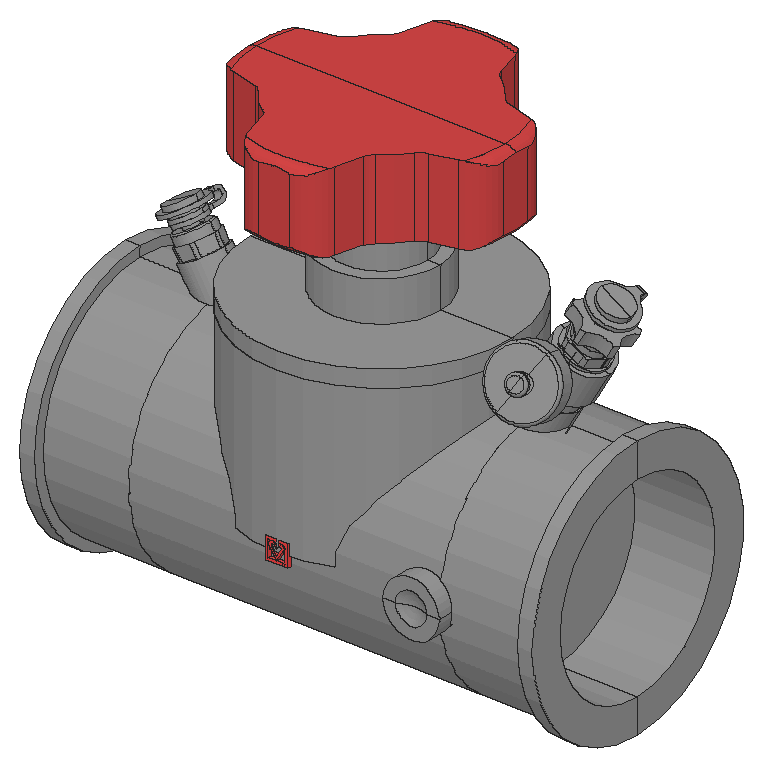
Revit family "HERZ Strömax клапан балансировочный с измерительными клапанами 4217 GML", category Rohrzubehör, Revit 2019
Family settings
  Bemaßung runder Anschluss = Durchmesser verwenden
  Teiletyp = Unterbricht
  OmniClass-Nummer = 23.65.55.14
  OmniClass-Titel = Valves for Liquid Services
  Arbeitsebenenbasiert = Nein
  Immer vertikal = Ja
  Beim Laden mit Abzugskörper schneiden = Nein
  Gemeinsam genutzt = Nein
Parameters
  Среда = "Качество теплоносителя в соответствии с ÖNORM H5195 и VDI 2035.\r\nДопускается использование этилен- и пропиленгликоля в соотношении 25-50% с водой."
  Положение клапана при монтаже = "Неподнимающийся шпиндель, расположенный перпендикулярно оси клапана, обеспечивает доступность и лёгкость в обслуживании в любом монтажном положении."
  Область применения = "Балансировочные клапаны применяются для гидравлической балансировки систем отопления и охлаждения, регулировки магистральных трубопроводов, стояков, теплообменников, регистров отопления и охлаждения."
  Номер заказа [instance] = size_lookup("4217_GML_", "Artnr", 0, Nennweite)  # 1421718
  Макс. рабочее давление = 1600000.0 Pa  # constant formula
  Макс. рабочая температура (с DN40) = 110 °C  # constant formula
  Макс. рабочая температура (до DN32) = 130 °C  # constant formula
  Корпус = "латунь, устойчивая к селективной цинковой коррозии"  # constant formula
  Исполнение = "STRÖMAX-GML Балансировочный клапан с измерительными клапанами и подключением импульсной трубки, 1/2′′ – 3′′.\r\nИсполнение с прямым невыдвижным шпинделем, муфта х муфта, латунный корпус без покрытия, уплотнение шпинделя двойным кольцевым уплотнением O-Ring, преднастройка посредством ограничения хода внутреннего шпинделя, цифровые показания степени настройки отображаются в окне маховика.\r\nОдин измерительный клапан расположен перед седлом балансировочного клапана, другой измерительный клапан с возможностью подключения импульсной трубки - после седла."
  Измерение перепада давления = "Клапаны STRÖMAX-GML оснащен двумя измерительными клапанами:\r\nс помощью измерительного прибора можно измерить перепад давления и по нему определить текущий расход в зависимости от степени преднастройки.\r\nHERZ Измерительный компьютер (1 8900 05) позволяет напрямую считывать расход (см. руководство к измерительным приборам)."
  kvs-значения [instance] = if(Nennweite = 15.00 mm, 6.05, if(Nennweite = 20.00 mm, 6.11, if(Nennweite = 25.00 mm, 9.22, if(Nennweite = 32.00 mm, 18.83, if(Nennweite = 40.00 mm, 23.29, if(Nennweite = 50.00 mm, 35.26, if(Nennweite = 65.00 mm, 52.11, if(Nennweite = 80.00 mm, 76.1, 0))))))))  # 76.1
  W02 = 60.00°  # constant formula
  W01 = 30.00°  # constant formula
  URL = "www.herz-armaturen.ru"
  SC_NennweiteBerechnet = 0
  SC_Dimension = ""
  SCRNSEQ = "ARM;ARM_TYP=\"STRV\";2"
  SCRNCODE = "05;07;02"  # constant formula
  S02 = 60.00 mm  # constant formula
  S01 [instance] = H00 + H01  # 119.31 mm
  R01 [instance] = size_lookup("4217_GML_", "R1", 1.00 mm, Nennweite)  # 53.00 mm
  Nennweite [instance] = 80.00 mm
  ML02 [instance] = size_lookup("4217_GML_", "ML2", 1.00 mm, Nennweite)  # 70.50 mm
  ML01 [instance] = size_lookup("4217_GML_", "ML1", 1.00 mm, Nennweite)  # 37.35 mm
  MD01 = 9.50 mm  # constant formula
  L02 [instance] = size_lookup("4217_GML_", "L2", 1.00 mm, Nennweite)  # 6.00 mm
  L01 [instance] = size_lookup("4217_GML_", "L1", 1.00 mm, Nennweite)  # 41.30 mm
  L00 [instance] = size_lookup("4217_GML_", "L", 1.00 mm, Nennweite)  # 210.00 mm
  IG [instance] = Nennweite / 2  # 40.00 mm
  Hersteller = "HERZ Armaturen Ges.m.b.H."  # constant formula
  H04 [instance] = size_lookup("4217_GML_", "H4", 1.00 mm, Nennweite)  # 19.00 mm
  H03 = 10.00 mm  # constant formula
  H02 [instance] = size_lookup("4217_GML_", "H2", 1.00 mm, Nennweite)  # 7.00 mm
  H01 [instance] = size_lookup("4217_GML_", "H1", 1.00 mm, Nennweite)  # 52.60 mm
  H00 [instance] = size_lookup("4217_GML_", "H", 1.00 mm, Nennweite)  # 66.71 mm
  Вес [instance] = if(Nennweite = 15.00 mm, "0.97 kg", if(Nennweite = 20.00 mm, "1.00 kg", if(Nennweite = 25.00 mm, "1.45 kg", if(Nennweite = 32.00 mm, "1.98 kg", if(Nennweite = 40.00 mm, "2.34 kg", if(Nennweite = 50.00 mm, "3.85 kg", if(Nennweite = 65.00 mm, "5.35 kg", if(Nennweite = 80.00 mm, "7.20 kg", "0 kg"))))))))  # "7.20 kg"
  GT [instance] = size_lookup("4217_GML_", "GT", 1.00 mm, Nennweite)  # 33.30 mm
  DN80 [instance] = Nennweite = 80.00 mm  # yes
  DN65 [instance] = Nennweite = 65.00 mm  # no
  DN50_DN80 [instance] = or(Nennweite = 50.00 mm, Nennweite = 65.00 mm, Nennweite = 80.00 mm)  # yes
  DN50-DN80 [instance] = H00 + H01  # 119.31 mm
  DN50 [instance] = Nennweite = 50.00 mm  # no
  DN40 [instance] = Nennweite = 40.00 mm  # no
  DN32 [instance] = Nennweite = 32.00 mm  # no
  DN25 [instance] = Nennweite = 25.00 mm  # no
  DN20 [instance] = Nennweite = 20.00 mm  # no
  DN15_DN40 [instance] = or(Nennweite = 15.00 mm, Nennweite = 20.00 mm, Nennweite = 25.00 mm, Nennweite = 32.00 mm, Nennweite = 40.00 mm)  # no
  DN15-DN40 [instance] = H00 + H01  # 119.31 mm
  DN15 [instance] = Nennweite = 15.00 mm  # no
  D06 [instance] = size_lookup("4217_GML_", "D6", 1.00 mm, Nennweite)  # 24.30 mm
  D05 [instance] = size_lookup("4217_GML_", "D5", 1.00 mm, Nennweite)  # 19.00 mm
  D04 = 9.00 mm  # constant formula
  D03 [instance] = size_lookup("4217_GML_", "D3", 1.00 mm, Nennweite)  # 53.80 mm
  D02 [instance] = size_lookup("4217_GML_", "D2", 1.00 mm, Nennweite)  # 54.00 mm
  D01 [instance] = size_lookup("4217_GML_", "D1", 1.00 mm, Nennweite)  # 50.00 mm
Reference planes
  plane 1 "Mitte (Vorne/hinten)": y = 0
  plane 2: z = 0
  plane 3 "Mitte (Links/rechts)": x = 0
Forms (mm)
  Revolve 1, solid, material "Messing, weicher Gelbton, geschweißt", detail levels fine
    sketch origin (0, 0, 0) x (1, 0, 0) y (0, 0, 1)
      loop
        line (-105, 54) -> (-105, 40) -> (-71.7, 40) -> (-71.7, 0) -> (71.7, 0) -> (71.7, 40) -> (105, 40) -> (105, 54) -> (99, 54) -> (99, 50) -> (63.7, 50)
        arc (63.7, 50) -> (0, 53) -> (-63.7, 50) r 677.782
        line (-63.7, 50) -> (-99, 50) -> (-99, 54) -> (-105, 54)
      axis (-105, 0) -> (105, 0)
    angle from 0 to 360
  Revolve 2, solid, material "Messing, weicher Gelbton, geschweißt", detail levels fine
    sketch origin (0, 0, 0) x (1, 0, 0) y (0, 0, 1)
      loop
        line (37.35, 0) -> (72.6, 61.055) -> (64.373, 65.805) -> (29.123, 4.75) -> (37.35, 0)
      axis (37.35, 0) -> (72.6, 61.055)
    angle from 0 to 360
  Revolve 3, solid, material "Messing, weicher Gelbton, geschweißt", detail levels fine
    sketch origin (0, 0, 0) x (1, 0, 0) y (0, 0, 1)
      loop
        line (0, 0) -> (0, 66.71) -> (-53.8, 66.71) -> (-53.8, 0) -> (0, 0)
      axis (0, 66.71) -> (0, 0)
    angle from 0 to 360
  Revolve 4, solid, material "Messing, weicher Gelbton, geschweißt", detail levels fine
    sketch origin (0, 0, 0) x (-1, 0, 0) y (0, 0, 1)
      loop
        line (37.35, 0) -> (72.6, 61.055) -> (64.373, 65.805) -> (29.123, 4.75) -> (37.35, 0)
      axis (37.35, 0) -> (72.6, 61.055)
    angle from 0 to 360
  Revolve 5, solid, material "Messing, weicher Gelbton, geschweißt", visible <- "DN65", detail levels fine
    sketch origin (0, 0, 0) x (1, 0, 0) y (0, 1, 0)
      loop
        line (60, 47.945) -> (60, -47.945)
        arc (60, -47.945) -> (63.368, -48.598) -> (66.5, -50) r 15
        line (66.5, -50) -> (71.5, -50) -> (71.5, 50) -> (66.5, 50)
        arc (66.5, 50) -> (63.368, 48.598) -> (60, 47.945) r 15
      axis (60, 50) -> (60, -50)
    angle from 0 to 360
  Revolve 6, solid, material "Messing, weicher Gelbton, geschweißt", detail levels fine
    sketch origin (0, 0, 0) x (1, 0, 0) y (0, 0, 1)
      loop
        line (0, 66.71) -> (0, 119.31) -> (-9, 119.31) -> (-9, 109.31) -> (-19, 109.31) -> (-19, 90.31) -> (-24.3, 90.31) -> (-24.3, 73.71) -> (-53.8, 73.71) -> (-53.8, 66.71) -> (0, 66.71)
      axis (0, 119.31) -> (0, 66.71)
    angle from 0 to 360
  Revolve 7, solid, material "Messing, weicher Gelbton, geschweißt", visible <- "DN80", detail levels fine
    sketch origin (0, 0, 0) x (1, 0, 0) y (0, 1, 0)
      loop
        line (57, 53.945) -> (57, -53.945)
        arc (57, -53.945) -> (60.368, -54.598) -> (63.5, -56) r 15
        line (63.5, -56) -> (68.5, -56) -> (68.5, 56) -> (63.5, 56)
        arc (63.5, 56) -> (60.368, 54.598) -> (57, 53.945) r 15
      axis (57, 56) -> (57, -56)
    angle from 0 to 360
Lines and regions (mm)
  model lines, detail levels coarse+medium
    curve 1: line (-105, 0, 54) -> (-105, 0, -54)
    curve 2: line (-105, 0, -54) -> (105, 0, 54)
    curve 3: line (105, 0, 54) -> (105, 0, -54)
    curve 4: line (105, 0, -54) -> (-105, 0, 54)
    curve 5: line (0, 0, 0) -> (68.884, 0, 119.31)
    curve 6: line (42.903, 0, 134.31) -> (94.864, 0, 104.31)
    curve 7: line (-105, 54, 0) -> (-105, -54, 0)
    curve 8: line (-105, -54, 0) -> (105, 54, 0)
    curve 9: line (105, 54, 0) -> (105, -54, 0)
    curve 10: line (105, -54, 0) -> (-105, 54, 0)
    curve 11: line (0, 0, 0) -> (68.884, 119.31, 0)
    curve 12: line (42.903, 134.31, 0) -> (94.864, 104.31, 0)
Dimensions and locks
  "IG": Revolve 1 sketch curve to plane 2
  "GT": Revolve 1 sketch curve to Revolve 1 sketch curve  (x2)
  "IG": Revolve 1 sketch curve to Revolve 1 sketch curve
  "D01": Revolve 1 sketch curve to Revolve 1 sketch curve  (x2)
  "R01": Revolve 1 sketch curve to Revolve 1 sketch curve
  "L02": Revolve 1 sketch curve to Revolve 1 sketch curve  (x2)
  "L01": Revolve 1 sketch curve to Revolve 1 sketch curve  (x2)
  "D02": Revolve 1 sketch curve to plane 2  (x2)
  equal spacing: Revolve 1 sketch curve, plane 3 "Mitte (Links/rechts)", Revolve 1 sketch curve
  "L00": Revolve 1 sketch curve to Revolve 1 sketch curve
  "R01": nested 1 to plane 1 "Mitte (Vorne/hinten)"
  "ML01": Revolve 2 sketch curve to plane 3 "Mitte (Links/rechts)"
  "H00": Revolve 3 sketch curve to plane 2
  "D03": Revolve 3 sketch curve to Revolve 3 sketch curve
  "ML02": Revolve 2 sketch curve to Revolve 2 sketch curve
  "MD01": Revolve 2 sketch curve to Revolve 2 sketch curve  (x2)
  "ML02": Revolve 4 sketch curve to Revolve 4 sketch curve
  "MD01": Revolve 4 sketch curve to Revolve 4 sketch curve  (x2)
  "ML01": plane 3 "Mitte (Links/rechts)" to Revolve 4 sketch curve
  Revolve 5 sketch curve to Revolve 1 = 45.00 mm
  Revolve 5 sketch curve to Revolve 5 sketch curve = 11.50 mm  (x2)
  Revolve 5 sketch curve to plane 1 "Mitte (Vorne/hinten)" to Revolve 5 sketch curve = 50.00 mm, 50.00 mm
  "H00": Revolve 6 sketch curve to plane 2
  "H01": Revolve 6 sketch curve to Revolve 6 sketch curve
  "D04": Revolve 6 sketch curve to Revolve 6 sketch curve
  "D03": Revolve 6 sketch curve to Revolve 6 sketch curve
  "D05": Revolve 6 sketch curve to Revolve 6 sketch curve
  "D06": Revolve 6 sketch curve to Revolve 6 sketch curve
  "H02": Revolve 6 sketch curve to Revolve 6 sketch curve
  "H03": Revolve 6 sketch curve to Revolve 6 sketch curve
  "H04": Revolve 6 sketch curve to Revolve 6 sketch curve
  Revolve 7 sketch curve to Revolve 1 = 48.00 mm
  Revolve 7 sketch curve to Revolve 7 sketch curve = 11.50 mm  (x2)
  Revolve 7 sketch curve to plane 1 "Mitte (Vorne/hinten)" to Revolve 7 sketch curve = 56.00 mm, 56.00 mm
  "DN15-DN40": nested 2 to plane 2
  "DN50-DN80": nested 3 to plane 2
  "D02": curve 4 to plane 2 to curve 2
  "D02": curve 3 to plane 2 to curve 4
  equal spacing: curve 1, plane 3 "Mitte (Links/rechts)", curve 3
  "L00": curve 1 to curve 3
  equal spacing: Revolve 1, curve 5, Revolve 1
  "S01": curve 5 to plane 2
  equal spacing: curve 6, curve 5, curve 6
  "S02": curve 6 to curve 6
  "D02": curve 8 to plane 1 "Mitte (Vorne/hinten)" to curve 10
  "D02": curve 10 to plane 1 "Mitte (Vorne/hinten)" to curve 9
  equal spacing: curve 7, plane 3 "Mitte (Links/rechts)", curve 9
  "L00": curve 7 to curve 9
  equal spacing: curve 7, curve 11, curve 9
  "S01": plane 1 "Mitte (Vorne/hinten)" to curve 11
  equal spacing: curve 12, curve 11, curve 12
  "S02": curve 12 to curve 12
  radius of Revolve 5 sketch curve = 15.00 mm  (x2)
  radius of Revolve 7 sketch curve = 15.00 mm  (x2)
  "W01": angle Revolve 2 sketch curve to plane 3 "Mitte (Links/rechts)"  (x2)
  "W01": angle plane 3 "Mitte (Links/rechts)" to Revolve 4 sketch curve  (x2)
  "W02": angle plane 2 to curve 5
  "W02": angle plane 1 "Mitte (Vorne/hinten)" to curve 11
  aligned and locked: level to plane 2
Automatic sketch dimensions
  Revolve 5 sketch curve to Revolve 5 sketch curve = 1.153 mm  (x2)
  Revolve 5 sketch curve to Revolve 5 sketch curve = 5.00 mm  (x2)
  Revolve 5 sketch curve to Revolve 5 sketch curve = 2.854 mm  (x2)
  Revolve 7 sketch curve to Revolve 7 sketch curve = 1.153 mm  (x2)
  Revolve 7 sketch curve to Revolve 7 sketch curve = 5.00 mm  (x2)
  Revolve 7 sketch curve to Revolve 7 sketch curve = 8.854 mm  (x2)
  Revolve 1 sketch curve to level = 0.00 mm  (x2)
  Revolve 1 sketch curve to Revolve 1 sketch curve = 1429.986 mm
  Revolve 1 sketch curve to Revolve 1 sketch curve = 1762.604 mm
  Revolve 2 sketch curve to level = 0.00 mm  (x2)
  Revolve 3 sketch curve to level = 0.00 mm
  Revolve 3 sketch curve to plane 3 "Mitte (Links/rechts)" = 0.00 mm  (x2)
  Revolve 3 sketch curve to Revolve 3 sketch curve = 366.045 mm
  Revolve 3 sketch curve to Revolve 3 sketch curve = 2179.415 mm
  Revolve 4 sketch curve to level = 0.00 mm  (x2)
  Revolve 6 sketch curve to plane 3 "Mitte (Links/rechts)" = 0.00 mm  (x2)
  Revolve 6 sketch curve to level = 366.045 mm
  Revolve 6 sketch curve to Revolve 6 sketch curve = 2146.115 mm
Nested families
  nested 1: "Herz-Logo-vorne" at (0, -53, 0) x (0, 1, 0) z (0, 0, 1), type "Herz-Logo-vorne", detail levels fine
  nested 2: "Strangregulierventil-Handrad-Gerade (Rot) DN15-DN40" at (0, 0, 119.31), visible <- "DN15_DN40", type "Strangregulierventil-Handrad-Gerade (Rot) DN15-DN40", detail levels fine
    with Nennweite 0.00 mm, Gewicht 0.00 kg, Bestellnummer 0
  nested 3: "Strangregulierventil-Handrad-Gerade (Rot) DN50-DN80" at (0, 0, 119.31), visible <- "DN50_DN80", type "Strangregulierventil-Handrad-Gerade (Rot) DN50-DN80", detail levels fine
    with Nennweite 0.00 mm, Gewicht 0.00 kg, Bestellnummer 0
  nested 4: "Messstutzen_Band-KFE_Austritt_30Grad_(oben)" at (61.39, 0, 59.409), visible <- "DN50", type "Messstutzen_Band-KFE_Austritt_30Grad_(oben)", detail levels fine
    with Schutzkappe yes, Nennweite 0.00 mm, Gewicht 0.00 kg, Bestellnummer 0
  nested 5: "Messstutzen_Band_Eintritt_30Grad_(oben)" at (-47.24, 0, 34.901) x (-1, 0, 0) z (0, 0, 1), visible <- "DN50", type "Messstutzen_Band_Eintritt_30Grad_(oben)", detail levels fine
    with Schutzkappe yes, Nennweite 0.00 mm, Gewicht 0.00 kg, Bestellnummer 0
  nested 6: "Messstutzen_Band-KFE_Austritt_30Grad_(oben)" at (41.17, 0, 35.507), visible <- "DN15", type "Messstutzen_Band-KFE_Austritt_30Grad_(oben)", detail levels fine
    with Schutzkappe yes, Nennweite 0.00 mm, Gewicht 0.00 kg, Bestellnummer 0
  nested 7: "Messstutzen_Band_Eintritt_30Grad_(oben)" at (-27.02, 0, 10.999) x (-1, 0, 0) z (0, 0, 1), visible <- "DN15", type "Messstutzen_Band_Eintritt_30Grad_(oben)", detail levels fine
    with Schutzkappe yes, Nennweite 0.00 mm, Gewicht 0.00 kg, Bestellnummer 0
  nested 8: "Messstutzen_Band_Eintritt_30Grad_(oben)" at (-24.855, 0, 13.553) x (-1, 0, 0) z (0, 0, 1), visible <- "DN20", type "Messstutzen_Band_Eintritt_30Grad_(oben)", detail levels fine
    with Schutzkappe yes, Nennweite 0.00 mm, Gewicht 0.00 kg, Bestellnummer 0
  nested 9: "Messstutzen_Band-KFE_Austritt_30Grad_(oben)" at (39.005, 0, 38.062), visible <- "DN20", type "Messstutzen_Band-KFE_Austritt_30Grad_(oben)", detail levels fine
    with Schutzkappe yes, Nennweite 0.00 mm, Gewicht 0.00 kg, Bestellnummer 0
  nested 10: "Messstutzen_Band_Eintritt_30Grad_(oben)" at (-29.265, 0, 17.883) x (-1, 0, 0) z (0, 0, 1), visible <- "DN25", type "Messstutzen_Band_Eintritt_30Grad_(oben)", detail levels fine
    with Schutzkappe yes, Nennweite 0.00 mm, Gewicht 0.00 kg, Bestellnummer 0
  nested 11: "Messstutzen_Band-KFE_Austritt_30Grad_(oben)" at (43.415, 0, 42.392), visible <- "DN25", type "Messstutzen_Band-KFE_Austritt_30Grad_(oben)", detail levels fine
    with Schutzkappe yes, Nennweite 0.00 mm, Gewicht 0.00 kg, Bestellnummer 0
  nested 12: "Messstutzen_Band_Eintritt_30Grad_(oben)" at (-37.74, 0, 24.595) x (-1, 0, 0) z (0, 0, 1), visible <- "DN32", type "Messstutzen_Band_Eintritt_30Grad_(oben)", detail levels fine
    with Schutzkappe yes, Nennweite 0.00 mm, Gewicht 0.00 kg, Bestellnummer 0
  nested 13: "Messstutzen_Band-KFE_Austritt_30Grad_(oben)" at (51.89, 0, 49.104), visible <- "DN32", type "Messstutzen_Band-KFE_Austritt_30Grad_(oben)", detail levels fine
    with Schutzkappe yes, Nennweite 0.00 mm, Gewicht 0.00 kg, Bestellnummer 0
  nested 14: "Messstutzen_Band_Eintritt_30Grad_(oben)" at (-42.8, 0, 28.665) x (-1, 0, 0) z (0, 0, 1), visible <- "DN40", type "Messstutzen_Band_Eintritt_30Grad_(oben)", detail levels fine
    with Schutzkappe yes, Nennweite 0.00 mm, Gewicht 0.00 kg, Bestellnummer 0
  nested 15: "Messstutzen_Band-KFE_Austritt_30Grad_(oben)" at (56.95, 0, 53.174), visible <- "DN40", type "Messstutzen_Band-KFE_Austritt_30Grad_(oben)", detail levels fine
    with Schutzkappe yes, Nennweite 0.00 mm, Gewicht 0.00 kg, Bestellnummer 0
  nested 16: "Messstutzen_Band_Eintritt_30Grad_(oben)" at (-54.5, 0, 38.105) x (-1, 0, 0) z (0, 0, 1), visible <- "DN65", type "Messstutzen_Band_Eintritt_30Grad_(oben)", detail levels fine
    with Schutzkappe yes, Nennweite 0.00 mm, Gewicht 0.00 kg, Bestellnummer 0
  nested 17: "Messstutzen_Band-KFE_Austritt_30Grad_(oben)" at (68.65, 0, 62.614), visible <- "DN65", type "Messstutzen_Band-KFE_Austritt_30Grad_(oben)", detail levels fine
    with Schutzkappe yes, Nennweite 0.00 mm, Gewicht 0.00 kg, Bestellnummer 0
  nested 18: "Messstutzen_Band_Eintritt_30Grad_(oben)" at (-63.85, 0, 45.899) x (-1, 0, 0) z (0, 0, 1), visible <- "DN80", type "Messstutzen_Band_Eintritt_30Grad_(oben)", detail levels fine
    with Schutzkappe yes, Nennweite 0.00 mm, Gewicht 0.00 kg, Bestellnummer 0
  nested 19: "Messstutzen_Band-KFE_Austritt_30Grad_(oben)" at (78, 0, 70.408), visible <- "DN80", type "Messstutzen_Band-KFE_Austritt_30Grad_(oben)", detail levels fine
    with Schutzkappe yes, Nennweite 0.00 mm, Gewicht 0.00 kg, Bestellnummer 0
Connectors
  piping at (-71.7, 0, 0), diameter 80, driven by "Nennweite"
    settings: on Revolve 1, index 1, connector inside diameter 609.6 mm, connector length 0.00 mm, flow factor 0, pipe flow 0.0 L/s, pressure drop 0.0 Pa, fitting loss kfactor 0, connector angle 0.00°, fixture units 0, engagement length 0.00 mm, angle of deflection 0.00°, flow configuration 0, flow direction 1, fitting loss method 0, system type 29, joint type 0, gender type 0, connector reference index -1, connector utility 0, adjustable connector no, is connector primary yes, connector description ""
  piping at (71.7, 0, 0), diameter 80, driven by "Nennweite"
    settings: on Revolve 1, index 2, connector inside diameter 609.6 mm, connector length 0.00 mm, flow factor 0, pipe flow 0.0 L/s, pressure drop 0.0 Pa, fitting loss kfactor 0, connector angle 0.00°, fixture units 0, engagement length 0.00 mm, angle of deflection 0.00°, flow configuration 0, flow direction 2, fitting loss method 0, system type 29, joint type 0, gender type 0, connector reference index -1, connector utility 0, adjustable connector no, is connector primary no, connector description ""
Definition of nested family "Herz-Logo-vorne"
  Reference planes
    plane 1 "Mitte (Vorne/hinten)": y = 0
    plane 2: z = 0
    plane 3 "Mitte (Links/rechts)": x = 0
  Forms (mm)
    Extrusion 1, solid
      sketch origin (0.732, -0.018, 0.017) x (0, -1, 0) y (0, 0, 1)
        loop
          line (-0.018, -4.517) -> (4.482, -4.517) -> (4.482, 4.483) -> (-4.518, 4.483) -> (-4.518, -4.517) -> (-0.018, -4.517)
        loop
          line (-0.05, -3.48) -> (3.482, -3.48) -> (3.482, 3.483) -> (-3.518, 3.483) -> (-3.518, -3.48) -> (-0.05, -3.48)
        loop
          arc (-0.018, 2.383) -> (-1.543, 3.287) -> (-3.067, 2.383) r 1.738
          arc (-3.067, 2.383) -> (-3.191, 1.899) -> (-3.067, 1.415) r 1.009
          line (-3.067, 1.415) -> (-0.018, -3.281) -> (3.032, 1.415)
          arc (3.032, 1.415) -> (3.156, 1.899) -> (3.032, 2.383) r 1.009
          arc (3.032, 2.383) -> (1.507, 3.287) -> (-0.018, 2.383) r 1.738
        loop
          arc (1.885, 1.272) -> (2.005, 1.675) -> (1.885, 2.079) r 0.74
          arc (1.885, 2.079) -> (1.265, 2.416) -> (0.644, 2.079) r 0.74
          line (0.644, 2.079) -> (-0.018, 0.97) -> (-0.679, 2.079)
          arc (-0.679, 2.079) -> (-1.3, 2.416) -> (-1.921, 2.079) r 0.74
          arc (-1.921, 2.079) -> (-2.04, 1.675) -> (-1.921, 1.272) r 0.74
          line (-1.921, 1.272) -> (-0.018, -1.658) -> (1.885, 1.272)
      from 0 to 1.5
  Dimensions and locks
    aligned and locked: level to plane 2
Definition of nested family "Strangregulierventil-Handrad-Gerade (Rot) DN15-DN40"
  Parameters (values of type "Strangregulierventil-Handrad-Gerade (Rot) DN15-DN40")
    URL = "www.herz-armaturen.at"
    Nennweite [instance] = 0.00 mm
    Manufacturer = "Herz Armaturen GmbH"  # constant formula
    Gewicht [instance] = 0.00 kg
    Bestellnummer [instance] = 0
  Reference planes
    plane 1 "Mitte (Vorne/hinten)": y = 0
    plane 2: z = 0
    plane 3 "Mitte (Links/rechts)": x = 0
  Forms (mm)
    Revolve 1, solid, detail levels fine
      sketch origin (0, 0, 0) x (1, 0, 0) y (0, 0, 1)
        loop
          line (0, 0) -> (0, 24.95) -> (-30.992, 24.95)
          arc (-30.992, 24.95) -> (-34.37, 23.636) -> (-35.973, 20.386) r 5
          line (-35.973, 20.386) -> (-37, 8.65) -> (-35.986, -2.936)
          arc (-35.986, -2.936) -> (-34.383, -6.186) -> (-31.005, -7.5) r 5
          line (-31.005, -7.5) -> (-15, -7.5) -> (-15, 0) -> (0, 0)
        axis (0, 24.95) -> (0, -7.5)
      angle from 0 to 360
    Extrusion 2, void
      sketch origin (0, 0, 20.3) x (1, 0, 0) y (0, 1, 0)
        loop
          line (3.861, 35.5) -> (-3.861, 35.5)
          arc (-3.861, 35.5) -> (-8.731, 33.847) -> (-11.589, 29.571) r 8
          line (-11.589, 29.571) -> (-13.284, 23.245)
          arc (-13.284, 23.245) -> (-13.982, 21.722) -> (-15.144, 20.516) r 5
          arc (-15.144, 20.516) -> (-18.031, 18.031) -> (-20.516, 15.144) r 25.5
          arc (-20.516, 15.144) -> (-21.722, 13.982) -> (-23.245, 13.284) r 5
          line (-23.245, 13.284) -> (-29.571, 11.589)
          arc (-29.571, 11.589) -> (-33.847, 8.731) -> (-35.5, 3.861) r 8
          line (-35.5, 3.861) -> (-35.5, -3.861)
          arc (-35.5, -3.861) -> (-33.847, -8.731) -> (-29.571, -11.589) r 8
          line (-29.571, -11.589) -> (-23.245, -13.284)
          arc (-23.245, -13.284) -> (-21.722, -13.982) -> (-20.516, -15.144) r 5
          arc (-20.516, -15.144) -> (-18.031, -18.031) -> (-15.144, -20.516) r 25.5
          arc (-15.144, -20.516) -> (-13.982, -21.722) -> (-13.284, -23.245) r 5
          line (-13.284, -23.245) -> (-11.589, -29.571)
          arc (-11.589, -29.571) -> (-8.731, -33.847) -> (-3.861, -35.5) r 8
          line (-3.861, -35.5) -> (3.861, -35.5)
          arc (3.861, -35.5) -> (8.731, -33.847) -> (11.589, -29.571) r 8
          line (11.589, -29.571) -> (13.284, -23.245)
          arc (13.284, -23.245) -> (13.982, -21.722) -> (15.144, -20.516) r 5
          arc (15.144, -20.516) -> (18.031, -18.031) -> (20.516, -15.144) r 25.5
          arc (20.516, -15.144) -> (21.722, -13.982) -> (23.245, -13.284) r 5
          line (23.245, -13.284) -> (29.571, -11.589)
          arc (29.571, -11.589) -> (33.847, -8.731) -> (35.5, -3.861) r 8
          line (35.5, -3.861) -> (35.5, 3.861)
          arc (35.5, 3.861) -> (33.847, 8.731) -> (29.571, 11.589) r 8
          line (29.571, 11.589) -> (23.245, 13.284)
          arc (23.245, 13.284) -> (21.722, 13.982) -> (20.516, 15.144) r 5
          arc (20.516, 15.144) -> (18.031, 18.031) -> (15.144, 20.516) r 25.5
          arc (15.144, 20.516) -> (13.982, 21.722) -> (13.284, 23.245) r 5
          line (13.284, 23.245) -> (11.589, 29.571)
          arc (11.589, 29.571) -> (8.731, 33.847) -> (3.861, 35.5) r 8
        loop
          circle (0, 0) r 38
      from -31.266 to 7.923
  Cuts and joins
    Extrusion 2 cuts Revolve 1
  Dimensions and locks
    Revolve 1 sketch curve to Revolve 1 sketch curve = 15.00 mm
    Revolve 1 sketch curve to Revolve 1 sketch curve = 16.15 mm
    Revolve 1 sketch curve to Revolve 1 sketch curve = 16.30 mm
    angle Revolve 1 sketch curve to Revolve 1 sketch curve = 95.00°
    aligned and locked: level to plane 2
Definition of nested family "Strangregulierventil-Handrad-Gerade (Rot) DN50-DN80"
  Parameters (values of type "Strangregulierventil-Handrad-Gerade (Rot) DN50-DN80")
    URL = "www.herz-armaturen.at"
    Nennweite [instance] = 0.00 mm
    Manufacturer = "Herz Armaturen GmbH"  # constant formula
    Gewicht [instance] = 0.00 kg
    Bestellnummer [instance] = 0
  Reference planes
    plane 1 "Mitte (Vorne/hinten)": y = 0
    plane 2: z = 0
    plane 3 "Mitte (Links/rechts)": x = 0
  Forms (mm)
    Revolve 1, solid, detail levels fine
      sketch origin (0, 0, 0) x (1, 0, 0) y (0, 0, 1)
        loop
          line (0, 0) -> (0, 24.95) -> (-50.992, 24.95)
          arc (-50.992, 24.95) -> (-54.37, 23.636) -> (-55.973, 20.386) r 5
          line (-55.973, 20.386) -> (-57, 8.65) -> (-55.986, -2.936)
          arc (-55.986, -2.936) -> (-54.383, -6.186) -> (-51.005, -7.5) r 5
          line (-51.005, -7.5) -> (-15, -7.5) -> (-15, 0) -> (0, 0)
        axis (0, 24.95) -> (0, -7.5)
      angle from 0 to 360
    Extrusion 2, void
      sketch origin (0, 0, 20.3) x (1, 0, 0) y (0, 1, 0)
        loop
          line (-55, 6.292) -> (-55, -6.292)
          arc (-55, -6.292) -> (-52.52, -13.597) -> (-46.106, -17.883) r 12
          line (-46.106, -17.883) -> (-35.399, -20.752)
          arc (-35.399, -20.752) -> (-33.541, -21.612) -> (-32.08, -23.047) r 6
          arc (-32.08, -23.047) -> (-27.931, -27.931) -> (-23.047, -32.08) r 39.5
          arc (-23.047, -32.08) -> (-21.612, -33.541) -> (-20.752, -35.399) r 6
          line (-20.752, -35.399) -> (-17.883, -46.106)
          arc (-17.883, -46.106) -> (-13.597, -52.52) -> (-6.292, -55) r 12
          line (-6.292, -55) -> (6.292, -55)
          arc (6.292, -55) -> (13.597, -52.52) -> (17.883, -46.106) r 12
          line (17.883, -46.106) -> (20.752, -35.399)
          arc (20.752, -35.399) -> (21.612, -33.541) -> (23.047, -32.08) r 6
          arc (23.047, -32.08) -> (27.931, -27.931) -> (32.08, -23.047) r 39.5
          arc (32.08, -23.047) -> (33.541, -21.612) -> (35.399, -20.752) r 6
          line (35.399, -20.752) -> (46.106, -17.883)
          arc (46.106, -17.883) -> (52.52, -13.597) -> (55, -6.292) r 12
          line (55, -6.292) -> (55, 6.292)
          arc (55, 6.292) -> (52.52, 13.597) -> (46.106, 17.883) r 12
          line (46.106, 17.883) -> (35.399, 20.752)
          arc (35.399, 20.752) -> (33.541, 21.612) -> (32.08, 23.047) r 6
          arc (32.08, 23.047) -> (27.931, 27.931) -> (23.047, 32.08) r 39.5
          arc (23.047, 32.08) -> (21.612, 33.541) -> (20.752, 35.399) r 6
          line (20.752, 35.399) -> (17.883, 46.106)
          arc (17.883, 46.106) -> (13.597, 52.52) -> (6.292, 55) r 12
          line (6.292, 55) -> (-6.292, 55)
          arc (-6.292, 55) -> (-13.597, 52.52) -> (-17.883, 46.106) r 12
          line (-17.883, 46.106) -> (-20.752, 35.399)
          arc (-20.752, 35.399) -> (-21.612, 33.541) -> (-23.047, 32.08) r 6
          arc (-23.047, 32.08) -> (-27.931, 27.931) -> (-32.08, 23.047) r 39.5
          arc (-32.08, 23.047) -> (-33.541, 21.612) -> (-35.399, 20.752) r 6
          line (-35.399, 20.752) -> (-46.106, 17.883)
          arc (-46.106, 17.883) -> (-52.52, 13.597) -> (-55, 6.292) r 12
        loop
          circle (0, 0) r 60
      from -31.161 to 7.489
  Cuts and joins
    Extrusion 2 cuts Revolve 1
  Dimensions and locks
    Revolve 1 sketch curve to Revolve 1 sketch curve = 15.00 mm
    Revolve 1 sketch curve to Revolve 1 sketch curve = 16.15 mm
    Revolve 1 sketch curve to Revolve 1 sketch curve = 16.30 mm
    Revolve 1 sketch curve to Revolve 1 sketch curve = 57.00 mm
    angle Revolve 1 sketch curve to Revolve 1 sketch curve = 95.00°
    aligned and locked: level to plane 2
Definition of nested family "Messstutzen_Band-KFE_Austritt_30Grad_(oben)"
  Parameters (values of type "Messstutzen_Band-KFE_Austritt_30Grad_(oben)")
    URL = "www.herz-armaturen.at"
    Schutzkappe [instance] = yes
    Nennweite [instance] = 0.00 mm
    Manufacturer = "Herz Armaturen GmbH"  # constant formula
    Gewicht [instance] = 0.00 kg
    Bestellnummer [instance] = 0
  Reference planes
    plane 1 "Mitte (Vorne/hinten)": y = 0
    plane 2: z = 0
    plane 3 "Mitte (Links/rechts)": x = 0
  Forms (mm)
    Revolve 1, solid, detail levels fine
      sketch origin (0, 0, 0) x (0.866025, 0, -0.5) y (0.5, 0, 0.866025)
        loop
          line (-7.4, 9) -> (-5.55, 9) -> (-5.55, 6)
          arc (-5.55, 6) -> (-5.626, 5.617) -> (-5.843, 5.293) r 1
          line (-5.843, 5.293) -> (-6.455, 4.681) -> (-6.455, 0.9) -> (-5.555, 0) -> (-2, 0) -> (-2, 23) -> (-2, 35.8) -> (-3.805, 35.8) -> (-4.415, 35.19) -> (-4.415, 30.863) -> (-3.7, 30.45) -> (-3.7, 27) -> (-7.4, 27) -> (-7.4, 9)
        axis (0, 0) -> (0, 35.8)
      angle from 0 to 360
    Extrusion 2, solid, detail levels fine
      sketch origin (8.75, 0, 15.155) x (0, 1, 0) y (-0.866025, 0, 0.5)
        loop
          arc (-7.07, 5.156) -> (-7.578, 4.375) -> (-8, 3.544) r 8.75
          line (-8, 3.544) -> (-8, -3.544)
          arc (-8, -3.544) -> (-7.578, -4.375) -> (-7.07, -5.156) r 8.75
          line (-7.07, -5.156) -> (-0.93, -8.7)
          arc (-0.93, -8.7) -> (0, -8.75) -> (0.93, -8.7) r 8.75
          line (0.93, -8.7) -> (7.07, -5.156)
          arc (7.07, -5.156) -> (7.578, -4.375) -> (8, -3.544) r 8.75
          line (8, -3.544) -> (8, 3.544)
          arc (8, 3.544) -> (7.578, 4.375) -> (7.07, 5.156) r 8.75
          line (7.07, 5.156) -> (0.93, 8.7)
          arc (0.93, 8.7) -> (0, 8.75) -> (-0.93, 8.7) r 8.75
          line (-0.93, 8.7) -> (-7.07, 5.156)
      from -5.51 to -1.21
    Revolve 3, solid, visible <- "Schutzkappe", detail levels fine
      sketch origin (0, 0, 0) x (0.866025, 0, -0.5) y (0.5, 0, 0.866025)
        loop
          line (0, 35.878) -> (0, 36.678) -> (-7, 36.678) -> (-7, 33.378) -> (-6.1, 33.378) -> (-6.1, 31.678) -> (-6.9, 31.678) -> (-6.9, 30.178) -> (-4.415, 30.178) -> (-4.415, 35.268) -> (-3.805, 35.878) -> (0, 35.878)
        axis (0, 30.178) -> (0, 36.678)
      angle from 0 to 360
    Extrusion 4, solid, detail levels fine
      sketch origin (15, 0, 25.981) x (0, 1, 0) y (0.866025, 0, -0.5)
        loop
          circle (0, 0) r 3.7
        loop
          arc (5.505, -3.906) -> (7.288, -2.358) -> (9.582, -1.8) r 5
          line (9.582, -1.8) -> (9.582, 1.8)
          arc (9.582, 1.8) -> (7.288, 2.358) -> (5.505, 3.906) r 5
          arc (5.505, 3.906) -> (-6.75, 0) -> (5.505, -3.906) r 6.75
      from 0 to -1.5
    Extrusion 5, solid, detail levels fine
      sketch origin (16.589, 0, 28.733) x (0, 1, 0) y (0.866025, 0, -0.5)
        loop
          circle (0, 0) r 6.1
        loop
          arc (8.652, -4.495) -> (10.493, -2.527) -> (13.089, -1.8) r 5
          line (13.089, -1.8) -> (13.089, 1.8)
          arc (13.089, 1.8) -> (10.493, 2.527) -> (8.652, 4.495) r 5
          arc (8.652, 4.495) -> (-9.75, 0) -> (8.652, -4.495) r 9.75
      from 0 to -1.5
    Sweep 6, solid, detail levels fine
      path origin (0, 0, 0) x (-0.5, 0, -0.866025) y (0, 1, 0)
        loop
          line (-29.25, 9.582) -> (-29.25, 14.522)
          arc (-29.25, 14.522) -> (-30.839, 16.112) -> (-32.428, 14.522) r 1.589
          line (-32.428, 14.522) -> (-32.428, 13.089)
      profile origin (14.625, 12.052, 25.331) x (0.5, 0, 0.866025) y (0.866025, 0, -0.5)
        loop
          line (-0.75, -1.8) -> (0.75, -1.8) -> (0.75, 1.8) -> (-0.75, 1.8) -> (-0.75, -1.8)
    Extrusion 7, solid, detail levels fine
      sketch origin (-87.639, 0, 50.598) x (0.866025, 0, -0.5) y (0, 1, 0)
        loop
          arc (112.053, 5.113) -> (111.589, 6) -> (111.053, 6.845) r 12
          arc (111.053, 6.845) -> (105.696, 7.794) -> (102.196, 11.958) r 7.971
          arc (102.196, 11.958) -> (101.196, 12) -> (100.196, 11.958) r 12
          arc (100.196, 11.958) -> (96.696, 7.794) -> (91.34, 6.845) r 7.971
          arc (91.34, 6.845) -> (90.804, 6) -> (90.34, 5.113) r 12
          arc (90.34, 5.113) -> (92.196, 0) -> (90.34, -5.113) r 7.971
          arc (90.34, -5.113) -> (90.804, -6) -> (91.34, -6.845) r 12
          arc (91.34, -6.845) -> (96.696, -7.794) -> (100.196, -11.958) r 7.971
          arc (100.196, -11.958) -> (101.196, -12) -> (102.196, -11.958) r 12
          arc (102.196, -11.958) -> (105.696, -7.794) -> (111.053, -6.845) r 7.971
          arc (111.053, -6.845) -> (111.589, -6) -> (112.053, -5.113) r 12
          arc (112.053, -5.113) -> (110.196, 0) -> (112.053, 5.113) r 7.971
      from 22.3 to 28.5
    Revolve 8, solid, detail levels fine
      sketch origin (-47.563, 0, 4.367) x (-0.866025, 0, 0.5) y (0.5, 0, 0.866025)
        loop
          line (-43.374, 0) -> (-37.874, 0) -> (-36.774, 1.1) -> (-36.774, 4.9) -> (-37.874, 6) -> (-37.874, 8.4) -> (-36.424, 8.4) -> (-36.424, 9.2) -> (-34.424, 9.2) -> (-34.424, 15.59) -> (-31.874, 15.59) -> (-31.874, 30.99) -> (-33.874, 30.99) -> (-33.874, 31.99) -> (-43.374, 31.99) -> (-43.374, 0)
        loop
          line (-43.374, 39) -> (-43.374, 36.29) -> (-35.874, 36.29) -> (-35.874, 39) -> (-43.374, 39)
        axis (-43.374, 39) -> (-43.374, 0)
      angle from 0 to 360
    Revolve 9, solid, detail levels fine
      sketch origin (0, 0, 0) x (0, -1, 0) y (0.5, 0, 0.866025)
        loop
          line (0, -1.01) -> (32.627, 14.204) -> (27.556, 25.08) -> (25.934, 25.67) -> (21.602, 23.65) -> (14.873, 11.994) -> (-2.324, 3.975) -> (0, -1.01)
        axis (32.627, 14.204) -> (0, -1.01)
      angle from 0 to 360
    Revolve 10, solid, detail levels fine
      sketch origin (-19.899, -51.188, -34.465) x (-0.453154, -0.422618, -0.784886) y (0.211309, -0.906308, 0.365998)
        loop
          line (-56.786, 8) -> (-45.747, 8) -> (-45.747, 0) -> (-43.834, 0) -> (-42.786, 1.048) -> (-42.786, 8.048)
          arc (-42.786, 8.048) -> (-43.065, 8.721) -> (-43.738, 9) r 0.952
          line (-43.738, 9) -> (-52.974, 9)
          arc (-52.974, 9) -> (-53.548, 9.238) -> (-53.786, 9.812) r 0.812
          line (-53.786, 9.812) -> (-53.786, 12) -> (-52.786, 12) -> (-52.786, 13.03)
          arc (-52.786, 13.03) -> (-53.07, 13.716) -> (-53.756, 14) r 0.97
          line (-53.756, 14) -> (-56.786, 14) -> (-56.786, 8)
        axis (-56.786, 14) -> (-56.786, 0)
      angle from 0 to 360
  Dimensions and locks
    aligned and locked: level to plane 2
Definition of nested family "Messstutzen_Band_Eintritt_30Grad_(oben)"
  Parameters (values of type "Messstutzen_Band_Eintritt_30Grad_(oben)")
    URL = "www.herz-armaturen.at"
    Schutzkappe [instance] = yes
    Nennweite [instance] = 0.00 mm
    Manufacturer = "Herz Armaturen GmbH"  # constant formula
    Gewicht [instance] = 0.00 kg
    Bestellnummer [instance] = 0
  Reference planes
    plane 1 "Mitte (Vorne/hinten)": y = 0
    plane 2: z = 0
    plane 3 "Mitte (Links/rechts)": x = 0
  Forms (mm)
    Revolve 1, solid, detail levels fine
      sketch origin (0, 0, 0) x (0.866025, 0, -0.5) y (0.5, 0, 0.866025)
        loop
          line (-7.4, 9) -> (-5.55, 9) -> (-5.55, 6)
          arc (-5.55, 6) -> (-5.626, 5.617) -> (-5.843, 5.293) r 1
          line (-5.843, 5.293) -> (-6.455, 4.681) -> (-6.455, 0.9) -> (-5.555, 0) -> (-2, 0) -> (-2, 17.5) -> (-8.4, 17.5)
          arc (-8.4, 17.5) -> (-7.693, 17.207) -> (-7.4, 16.5) r 1
          line (-7.4, 16.5) -> (-7.4, 9)
        loop
          line (-3.7, 27) -> (-7.3, 27) -> (-7.9, 26.4) -> (-7.9, 23) -> (-2, 23) -> (-2, 35.8) -> (-3.805, 35.8) -> (-4.415, 35.19) -> (-4.415, 30.863) -> (-3.7, 30.45) -> (-3.7, 27)
        axis (0, 0) -> (0, 35.8)
      angle from 0 to 360
    Extrusion 2, solid, detail levels fine
      sketch origin (8.75, 0, 15.155) x (0, 1, 0) y (-0.866025, 0, 0.5)
        loop
          arc (-7.07, 5.156) -> (-7.578, 4.375) -> (-8, 3.544) r 8.75
          line (-8, 3.544) -> (-8, -3.544)
          arc (-8, -3.544) -> (-7.578, -4.375) -> (-7.07, -5.156) r 8.75
          line (-7.07, -5.156) -> (-0.93, -8.7)
          arc (-0.93, -8.7) -> (0, -8.75) -> (0.93, -8.7) r 8.75
          line (0.93, -8.7) -> (7.07, -5.156)
          arc (7.07, -5.156) -> (7.578, -4.375) -> (8, -3.544) r 8.75
          line (8, -3.544) -> (8, 3.544)
          arc (8, 3.544) -> (7.578, 4.375) -> (7.07, 5.156) r 8.75
          line (7.07, 5.156) -> (0.93, 8.7)
          arc (0.93, 8.7) -> (0, 8.75) -> (-0.93, 8.7) r 8.75
          line (-0.93, 8.7) -> (-7.07, 5.156)
      from 0 to 5.5
    Revolve 3, solid, visible <- "Schutzkappe", detail levels fine
      sketch origin (0, 0, 0) x (0.866025, 0, -0.5) y (0.5, 0, 0.866025)
        loop
          line (0, 35.878) -> (0, 36.678) -> (-7, 36.678) -> (-7, 33.378) -> (-6.1, 33.378) -> (-6.1, 31.678) -> (-6.9, 31.678) -> (-6.9, 30.178) -> (-4.415, 30.178) -> (-4.415, 35.268) -> (-3.805, 35.878) -> (0, 35.878)
        axis (0, 30.178) -> (0, 36.678)
      angle from 0 to 360
    Extrusion 4, solid, detail levels fine
      sketch origin (14.25, 0, 24.682) x (0, 1, 0) y (0.866025, 0, -0.5)
        loop
          circle (0, 0) r 3.7
        loop
          arc (5.505, -3.906) -> (7.288, -2.358) -> (9.582, -1.8) r 5
          line (9.582, -1.8) -> (9.582, 1.8)
          arc (9.582, 1.8) -> (7.288, 2.358) -> (5.505, 3.906) r 5
          arc (5.505, 3.906) -> (-6.75, 0) -> (5.505, -3.906) r 6.75
      from 0 to -1.5
    Extrusion 5, solid, detail levels fine
      sketch origin (16.589, 0, 28.733) x (0, 1, 0) y (0.866025, 0, -0.5)
        loop
          circle (0, 0) r 6.1
        loop
          arc (8.652, -4.495) -> (10.493, -2.527) -> (13.089, -1.8) r 5
          line (13.089, -1.8) -> (13.089, 1.8)
          arc (13.089, 1.8) -> (10.493, 2.527) -> (8.652, 4.495) r 5
          arc (8.652, 4.495) -> (-9.75, 0) -> (8.652, -4.495) r 9.75
      from 0 to -1.5
    Sweep 6, solid, detail levels fine
      path origin (0.933, -0.183, 1.116) x (-0.5, 0, -0.866025) y (0, 1, 0)
        loop
          line (-27.75, 9.582) -> (-27.75, 14.522)
          arc (-27.75, 14.522) -> (-30.089, 16.862) -> (-32.428, 14.522) r 2.339
          line (-32.428, 14.522) -> (-32.428, 13.089)
      profile origin (14.808, 11.869, 25.148) x (0.5, 0, 0.866025) y (0.866025, 0, -0.5)
        loop
          line (-0.75, -1.8) -> (0.75, -1.8) -> (0.75, 1.8) -> (-0.75, 1.8) -> (-0.75, -1.8)
  Dimensions and locks
    aligned and locked: level to plane 2
